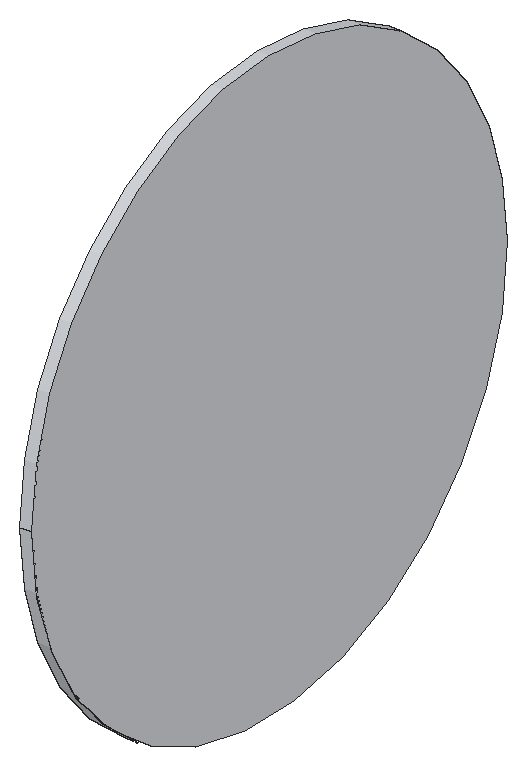
Revit family "M_União redonda", category Conexões de duto, Revit 2019
Family settings
  Cota do conector redondo = Usar raio
  Tipo de parte = União
  Número OmniClass = 23.75.70.14
  Título OmniClass = Air Ductwork
  ID de item do Seek = Round Union-0000-CAN-ENU
  Com base no plano de trabalho = Não
  Sempre na vertical = Sim
  Corte com vazios quando carregada = Não
  Compartilhado = Não
Parameters (values of type "Padrão")
  Raio do duto [instance] = 150 mm
  Comprimento do duto [instance] = 6 mm
  Assembly Code = ""
Reference planes
  plane 1 "Centro (Frente/Trás)": y = 0
  plane 2: z = 0
  plane 3 "Centro (Esquerda/Direita)": x = 0
  plane 4: x = 6
Forms (mm)
  Sweep 1, solid, detail levels medium+fine
    path in 3D
      loop
        line (0, 0, 0) -> (6, 0, 0)
    profile origin (3, 0, 0) x (0, 1, 0) y (0, 0, 1)
      loop
        circle (0, 0) r 150
Lines and regions (mm)
  model lines, style "DuctFitting", detail levels coarse
    curve 1: line (0, 0, 0) -> (6, 0, 0)
  sketch lines
    curve 2: line (0, 0, 0) -> (6, 0, 0)
Dimensions and locks
  "Comprimento do duto": plane 3 "Centro (Esquerda/Direita)" to plane 4
  "Raio do duto": radius of Sweep 1 sketch curve
  aligned and locked: plane 3 "Centro (Esquerda/Direita)" to curve 1
  aligned and locked: plane 1 "Centro (Frente/Trás)" to curve 1
Automatic sketch dimensions
  Sweep 1 sketch curve to profile plane = 0 mm  (x2)
  curve 1 to plane 4 = 0 mm
Connectors
  hvac at (0, 0, 0), driven by "Raio do duto"
    settings: on Sweep 1, index 0, duct flow 0.0 L/s, flow factor 0, pres drop 0.0 Pa, loss coef 0, conn angle 0.00°, conn width 304.8 mm, conn height 304.8 mm, conn diameter 300 mm, duct sys type 28, conn prof type 0, flow config 0, flow direction 0, loss method 0, conn ref index 1, conn util no, is conn primary yes, conn desc ""
  hvac at (6, 0, 0), driven by "Raio do duto"
    settings: on Sweep 1, index 1, duct flow 0.0 L/s, flow factor 0, pres drop 0.0 Pa, loss coef 0, conn angle 0.00°, conn width 304.8 mm, conn height 304.8 mm, conn diameter 300 mm, duct sys type 28, conn prof type 0, flow config 0, flow direction 0, loss method 0, conn ref index 0, conn util no, is conn primary no, conn desc ""
